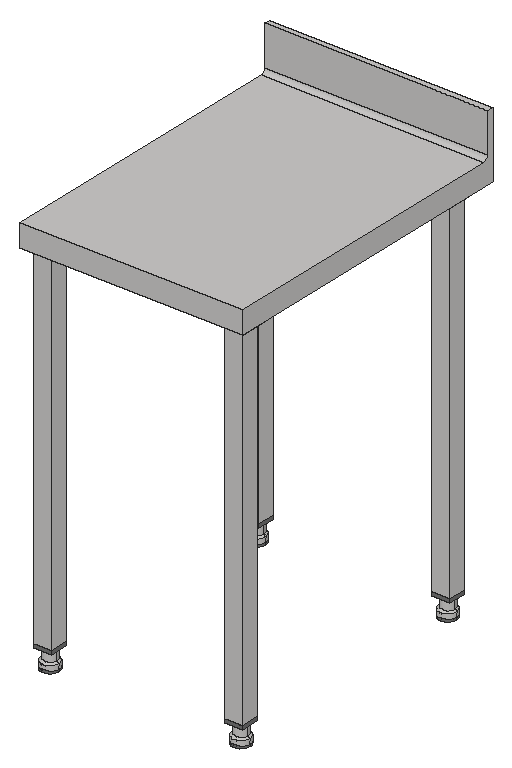
Revit family "QF_ZANUSSI_133227_TG500MHBN", category Attrezzature speciali, Revit 2020
Family settings
  Quota connettore circolare = Usa diametro
  Tipo di parte = Normale
  Basato su piano di lavoro = No
  Sempre verticale = Sì
  Taglio con vuoti quando caricato = No
  Condiviso = No
  Punto di calcolo locali = No
Parameters (values of type "Standard")
  Weight = 18.00 kg
  Watts = 0 W
  Volts = 0 V
  URL Manufacturer = "http://www.zanussiprofessional.com"
  URL = "http://www.zanussiprofessional.com"
  Steam Supply Size = 0 mm
  Steam Supply Minimum Pressure = 0.0 Pa
  Steam Supply Maximum Pressure = 0.0 Pa
  Steam Consumption per Hour = 0
  Refrigeration Suction Line Size = 0.0 mm
  Refrigeration Liquid Line Size = 0.0 mm
  Refrigerant Compressor Remote = yes
  Prospetto di default = 0.0 mm
  Produttore = "Zanussi"
  Phase = 0
  Modello = "TG500MHBN"
  Length Actual = 500.0 mm  # constant formula
  Item Number = "133227"
  Hot Water Size = 0 mm
  Height Actual = 1000.0 mm  # constant formula
  HP = "0 HP"
  Gas Size = 0 mm
  Gas KW = 0
  Gas Input Pressure = 0 W
  Direct Waste Size = 0 mm
  Descrizione = "WORK TABLE WITH UPSTAND 500 MM"
  Depth Actual = 700.0 mm  # constant formula
  Cycle = 0 Hz
  Condensate Return Size = 0 mm
  Compressed Air Volume = 0.0 L/s
  Compressed Air Size = 0 mm
  Compressed Air Pressure = 0.0 Pa
  Cold Water Size = 0 mm
  Accessory = yes
Reference planes
  plane 1 "Center (Front/Back)": y = 0
  plane 2: z = 0
  plane 3 "Center (Left/Right)": x = 250
  plane 4 "LEFT": x = 0
  plane 5 "RIGHT": x = 500
  plane 6 "BACK": y = 350
  plane 7 "FRONT": y = -350
  plane 8 "Base": z = 850
  plane 9 "TOP": z = 900
  plane 10: x = 35.5
  plane 11: x = 464.5
  plane 12: y = 269.5
  plane 13: y = -310.5
Forms (mm)
  Extrusion 1, solid, material "QF_Finishes_Stainless Steel"
    sketch origin (250, 0, 0) x (0, 1, 0) y (0, 0, 1)
      loop
        line (-350, 850) -> (350, 850) -> (350, 1000) -> (337, 1000) -> (337, 910)
        arc (337, 910) -> (334.071, 902.929) -> (327, 900) r 10
        line (327, 900) -> (-350, 900) -> (-350, 850)
    from 250 to -250
Lines and regions (mm)
  symbolic lines
    curve 1: line (500, 350, 900) -> (0, 350, 900)
    curve 2: line (0, 350, 900) -> (0, -350, 900)
    curve 3: line (0, -350, 900) -> (500, -350, 900)
    curve 4: line (500, -350, 900) -> (500, 350, 900)
    curve 5: line (500, 337, 900) -> (0, 337, 900)
Dimensions and locks
  plane 4 "LEFT" to plane 5 "RIGHT" = 500.0 mm
  equal spacing: plane 4 "LEFT", plane 3 "Center (Left/Right)", plane 5 "RIGHT"
  locked: plane 8 "Base" to level at 850
  plane 4 "LEFT" to plane 10 = 35.5 mm
  plane 11 to plane 5 "RIGHT" = 35.5 mm
  plane 10 to plane 11 = 429.0 mm
  locked: Extrusion 1 to level at 1000
  plane 9 "TOP" to level = 900.0 mm
  plane 6 "BACK" to plane 12 = 80.5 mm
  plane 13 to plane 7 "FRONT" = 39.5 mm
  plane 6 "BACK" to plane 7 "FRONT" = 700.0 mm
  plane 12 to plane 13 = 580.0 mm
  equal spacing: plane 6 "BACK", plane 1 "Center (Front/Back)", plane 7 "FRONT"
  aligned and locked: level to plane 2
  aligned and locked: plane 10 to nested 1
  aligned and locked: nested 1 to plane 13
  aligned and locked: plane 11 to nested 2
  aligned and locked: nested 2 to plane 13
  aligned and locked: plane 11 to nested 4
  aligned and locked: nested 4 to plane 12
  aligned and locked: plane 10 to nested 3
  aligned and locked: nested 3 to plane 12
  aligned and locked: Extrusion 1 to plane 4 "LEFT"
  aligned and locked: plane 5 "RIGHT" to Extrusion 1
  aligned and locked: curve 2 to plane 4 "LEFT"
Automatic sketch dimensions
  Extrusion 1 sketch curve to plane 7 "FRONT" = 0.0 mm
  Extrusion 1 sketch curve to plane 9 "TOP" = 0.0 mm
  Extrusion 1 sketch curve to plane 6 "BACK" = 0.0 mm
  Extrusion 1 sketch curve to plane 8 "Base" = 0.0 mm
  plane 9 "TOP" to Extrusion 1 sketch curve = 10.0 mm
  Extrusion 1 sketch curve to plane 6 "BACK" = 13.0 mm
  Extrusion 1 sketch curve to Extrusion 1 sketch curve = 90.0 mm
  curve 3 to plane 7 "FRONT" = 0.0 mm
  curve 5 to plane 5 "RIGHT" = 0.0 mm
  curve 4 to plane 6 "BACK" = 0.0 mm
  curve 5 to plane 6 "BACK" = 13.0 mm
Nested families
  nested 1: "FEET_40x40_APP42" at (35.5, -310.5, 0), type "FEET_40x40_APP42"
  nested 2: "FEET_40x40_APP42" at (464.5, -310.5, 0), type "FEET_40x40_APP42"
  nested 3: "FEET_40x40_APP42" at (35.5, 269.5, 0), type "FEET_40x40_APP42"
  nested 4: "FEET_40x40_APP42" at (464.5, 269.5, 0), type "FEET_40x40_APP42"
Definition of nested family "FEET_40x40_APP42"
  Parameters
    Default Elevation = 0.0 mm
    FEET = 850.0 mm
  Reference planes
    plane 1 "Center (Front/Back)": y = 0
    plane 2: z = 0
    plane 3 "Center (Left/Right)": x = 0
    plane 4: z = 850
  Forms (mm)
    Extrusion 1, solid
      sketch origin (0, 0, 0) x (1, 0, 0) y (0, 1, 0)
        loop
          line (-20, -20) -> (20, -20) -> (20, 20) -> (-20, 20) -> (-20, -20)
      from 50 to 845
    Extrusion 2, solid
      sketch origin (0, 0, 0) x (1, 0, 0) y (0, 1, 0)
        loop
          circle (0, 0) r 20
      from 0 to 5
    Extrusion 3, solid
      sketch origin (0, 0, 0) x (1, 0, 0) y (0, 1, 0)
        loop
          line (30, 30) -> (-30, 30) -> (-30, -30) -> (30, -30) -> (30, 30)
      from 845 to 850
    Extrusion 4, solid
      sketch origin (0, 0, 0) x (1, 0, 0) y (0, 1, 0)
        loop
          line (-20, -20) -> (20, -20) -> (20, 20) -> (-20, 20) -> (-20, -20)
      from 50 to 42
    Revolve 5, solid
      sketch origin (0, 0, 0) x (1, 0, 0) y (0, 0, 1)
        loop
          line (0, 42) -> (-15, 42) -> (-15, 20) -> (-20, 15) -> (-20, 5) -> (0, 5) -> (0, 42)
        axis (0, 42) -> (0, 5)
      angle from 0 to 360
  Lines and regions (mm)
    symbolic lines
      curve 1: line (0, -1.503, 0) -> (0, 1.508, 0)
      curve 2: line (1.561, 0, 0) -> (-1.439, 0, 0)
  Dimensions and locks
    "FEET": plane 4 to plane 2
    aligned and locked: level to plane 2
  Automatic sketch dimensions
    plane 1 "Center (Front/Back)" to curve 2 = 0.0 mm
    curve 1 to plane 3 "Center (Left/Right)" = 0.0 mm
    curve 2 to plane 3 "Center (Left/Right)" = 1.439 mm
    plane 3 "Center (Left/Right)" to curve 2 = 1.561 mm
    plane 1 "Center (Front/Back)" to curve 1 = 1.503 mm
    curve 1 to plane 1 "Center (Front/Back)" = 1.508 mm
    Extrusion 1 sketch curve to plane 3 "Center (Left/Right)" = 20.0 mm
    plane 3 "Center (Left/Right)" to Extrusion 1 sketch curve = 20.0 mm
    plane 1 "Center (Front/Back)" to Extrusion 1 sketch curve = 20.0 mm
    Extrusion 1 sketch curve to plane 1 "Center (Front/Back)" = 20.0 mm
    plane 1 "Center (Front/Back)" to Extrusion 2 sketch curve = 0.0 mm
    Extrusion 2 sketch curve to plane 3 "Center (Left/Right)" = 0.0 mm
    Extrusion 3 sketch curve to plane 3 "Center (Left/Right)" = 30.0 mm
    plane 3 "Center (Left/Right)" to Extrusion 3 sketch curve = 30.0 mm
    plane 1 "Center (Front/Back)" to Extrusion 3 sketch curve = 30.0 mm
    Extrusion 3 sketch curve to plane 1 "Center (Front/Back)" = 30.0 mm
    Extrusion 4 sketch curve to plane 3 "Center (Left/Right)" = 20.0 mm
    plane 3 "Center (Left/Right)" to Extrusion 4 sketch curve = 20.0 mm
    plane 1 "Center (Front/Back)" to Extrusion 4 sketch curve = 20.0 mm
    Extrusion 4 sketch curve to plane 1 "Center (Front/Back)" = 20.0 mm
    Revolve 5 sketch curve to plane 3 "Center (Left/Right)" = 0.0 mm  (x2)
    Revolve 5 sketch curve to plane 3 "Center (Left/Right)" = 15.0 mm
    Revolve 5 sketch curve to Revolve 5 sketch curve = 5.0 mm  (x3)
    level to Revolve 5 sketch curve = 5.0 mm
    Revolve 5 sketch curve to Revolve 5 sketch curve = 10.0 mm
    Revolve 5 sketch curve to Revolve 5 sketch curve = 22.0 mm
    Revolve 5 sketch curve to level = 9.561 mm
    radius of Extrusion 2 sketch curve = 20.0 mm
